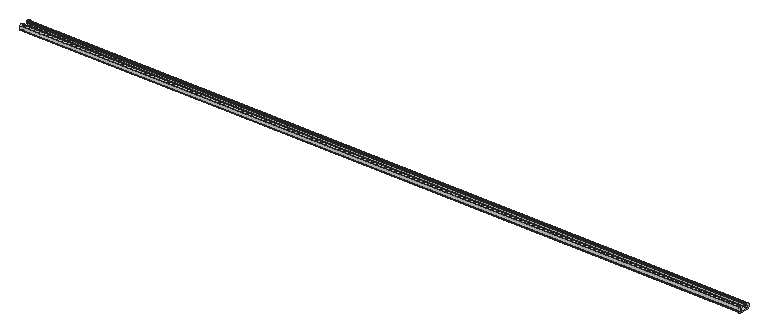
Revit family "P3300", category Specialty Equipment, Revit 2012
Parameters (values of type "P3300")
  ecoScorecard_data = ""
  ecoScorecard Product Page = ""
  Weight Per Foot = 1.34 lbf/ft
  Unit = none
  URL = "http://unistrut.us/index.php"
  Subcategory = "1 5/8\" Channels"
  Product Page URL = "http://unistrut.us/index.php?WP=cat_detail&S=S02&P=P3300"
  Part Type = "Channel"  # constant formula
  Part Number = ""
  Overall Width = 1 5/8"  # constant formula
  Overall Height = 7/8"  # constant formula
  Model = "P3300"  # constant formula
  Material = "Multiple Options - See Catalog"
  Manufacturer Toll Free Phone = "800-882-5543"  # constant formula
  Manufacturer Phone = "708-339-1610"  # constant formula
  Manufacturer Fax = "708-339-7814"  # constant formula
  Manufacturer Email = "mailto:questions@atkore.com"
  Manufacturer Address = "16100 South Lathrop Avenue, Harvey, IL 60426"  # constant formula
  Manufacturer = "Unistrut by Atkore International"  # constant formula
  Load Capacity Note = "Visit the product page for load application and capacity."  # constant formula
  Literature URL = "http://unistrut.us/index.php?WP=LItLibrary"
  Length [instance] = 120"
  Gauge Thickness = "12 Gauge (.105”)"  # constant formula
  Description = "P3300 Channel"  # constant formula
  Cost Info = "mailto:questions@atkore.com"
  Construction Note = ""
  CSI MasterSpec = "http://www.unistrut.us/a_files/TechRef/Unistrut_CSI_05430.pdf"
  CAD URL = "http://unistrut.us/index.php?WP=CAD3d"
  Assembly Code = "D5020100"
  Allowable Moment = 2.4405 N·m
  95 CSI = "16070"  # constant formula
  04 CSI = "26 05 48"  # constant formula
Reference planes (in)
  plane 1 "Center (Front/Back)": y = 0
  plane 2: z = 0
  plane 3 "Center (Left/Right)": x = 0
  plane 4: y = 0.8125
  plane 5: y = -0.8125
  plane 6: z = 0.875
  plane 7: x = -60
  plane 8: x = 60
  plane 9: z = 0.8125
Dimensions and locks (in)
  "Overall Width": plane 4 to plane 5
  equal spacing: plane 4, plane 1 "Center (Front/Back)", plane 5
  "Overall Height": plane 6 to level
  "Length": plane 7 to plane 8
  equal spacing: plane 7, plane 3 "Center (Left/Right)", plane 8
  aligned and locked: level to plane 2
  aligned and locked: plane 1 "Center (Front/Back)" to nested 1
  aligned and locked: plane 3 "Center (Left/Right)" to nested 1
Nested families (in)
  nested 1: "3300" at (0, 0, 0), type "3300"
    with Length 120"
Definition of nested family "3300"
  Parameters (values of type "P3300_")
    Width = 1 5/8"
    Unit = none
    Length = 24"
    Height = 7/8"
  Reference planes (in)
    plane 1 "Center (Front/Back)": y = 0
    plane 2: z = 0
    plane 3 "Center (Left/Right)": x = 0
    plane 4: z = 0.875
    plane 5: x = -12
    plane 6: x = 12
    plane 7: y = 0.8125
    plane 8: y = -0.8125
  Forms (in)
    Sweep 1, solid, material <- "Unit", detail levels fine
      path origin (0, 0, 0) x (1, 0, 0) y (0, 1, 0)
        loop
          line (-12, 0) -> (12, 0)
      profile origin (0, 0, 0) x (0, 1, 0) y (0, 0, 1)
        loop
          line (-0.7075, 0.13625) -> (-0.7075, 0.67625)
          arc (-0.7075, 0.67625) -> (-0.68004, 0.74254) -> (-0.61375, 0.77) r 0.09375
          line (-0.61375, 0.77) -> (-0.57375, 0.77)
          arc (-0.57375, 0.77) -> (-0.55165, 0.76085) -> (-0.5425, 0.73875) r 0.03125
          line (-0.5425, 0.73875) -> (-0.5425, 0.6465)
          arc (-0.5425, 0.6465) -> (-0.49, 0.594) -> (-0.4375, 0.6465) r 0.0525
          line (-0.4375, 0.6465) -> (-0.4375, 0.73875)
          arc (-0.4375, 0.73875) -> (-0.47741, 0.83509) -> (-0.57375, 0.875) r 0.13625
          line (-0.57375, 0.875) -> (-0.61375, 0.875)
          arc (-0.61375, 0.875) -> (-0.75429, 0.81679) -> (-0.8125, 0.67625) r 0.19875
          line (-0.8125, 0.67625) -> (-0.8125, 0.13625)
          arc (-0.8125, 0.13625) -> (-0.77259, 0.03991) -> (-0.67625, 0) r 0.13625
          line (-0.67625, 0) -> (0.67625, 0)
          arc (0.67625, 0) -> (0.77259, 0.03991) -> (0.8125, 0.13625) r 0.13625
          line (0.8125, 0.13625) -> (0.8125, 0.67625)
          arc (0.8125, 0.67625) -> (0.75429, 0.81679) -> (0.61375, 0.875) r 0.19875
          line (0.61375, 0.875) -> (0.57375, 0.875)
          arc (0.57375, 0.875) -> (0.47741, 0.83509) -> (0.4375, 0.73875) r 0.13625
          line (0.4375, 0.73875) -> (0.4375, 0.6465)
          arc (0.4375, 0.6465) -> (0.49, 0.594) -> (0.5425, 0.6465) r 0.0525
          line (0.5425, 0.6465) -> (0.5425, 0.73875)
          arc (0.5425, 0.73875) -> (0.55165, 0.76085) -> (0.57375, 0.77) r 0.03125
          line (0.57375, 0.77) -> (0.61375, 0.77)
          arc (0.61375, 0.77) -> (0.68004, 0.74254) -> (0.7075, 0.67625) r 0.09375
          line (0.7075, 0.67625) -> (0.7075, 0.13625)
          arc (0.7075, 0.13625) -> (0.69835, 0.11415) -> (0.67625, 0.105) r 0.03125
          line (0.67625, 0.105) -> (-0.67625, 0.105)
          arc (-0.67625, 0.105) -> (-0.69835, 0.11415) -> (-0.7075, 0.13625) r 0.03125
    Sweep 2, solid, material <- "Unit", detail levels coarse+medium
      path origin (0.28326, 3.23763, 0) x (1, 0, 0) y (0, 1, 0)
        loop
          line (-12.28326, -3.23763) -> (11.71674, -3.23763)
      profile origin (0, 0, 0) x (0, 1, 0) y (0, 0, 1)
        loop
          line (0.8125, 0.875) -> (-0.8125, 0.875) -> (-0.8125, 0) -> (0.8125, 0) -> (0.8125, 0.875)
  Lines and regions (in)
    symbolic lines, style "Channel"
      curve 1: line (-12, 0.8125, 0) -> (12, 0.8125, 0)
      curve 2: line (-12, -0.8125, 0) -> (-12, 0.8125, 0)
      curve 3: line (12, -0.8125, 0) -> (-12, -0.8125, 0)
      curve 4: line (12, 0.8125, 0) -> (12, -0.8125, 0)
    symbolic lines, style "Channel", detail levels fine
      curve 5: line (-12, 0.43915, 0) -> (12, 0.43915, 0)
      curve 6: line (-12, -0.4375, 0) -> (12, -0.4375, 0)
  Dimensions and locks (in)
    plane 4 to level = 7/8"
    equal spacing: plane 8, plane 1 "Center (Front/Back)", plane 7
    equal spacing: plane 5, plane 3 "Center (Left/Right)", plane 6
    "Length": plane 5 to plane 6
    aligned and locked: level to plane 2
    aligned and locked: plane 5 to Sweep 1 sketch curve
    aligned and locked: plane 6 to Sweep 1 sketch curve
    aligned and locked: plane 1 "Center (Front/Back)" to Sweep 1 sketch curve
    aligned and locked: plane 5 to Sweep 2 sketch curve
    aligned and locked: plane 6 to Sweep 2 sketch curve
    aligned and locked: plane 1 "Center (Front/Back)" to Sweep 2 sketch curve
    aligned and locked: curve 1 to Sweep 1
    aligned and locked: curve 2 to Sweep 1
    aligned and locked: curve 3 to Sweep 1
    aligned and locked: curve 4 to Sweep 1
    aligned and locked: plane 5 to curve 5
    aligned and locked: plane 6 to curve 5
  Automatic sketch dimensions
    Sweep 1 sketch curve to Sweep 1 sketch curve = 0"  (x12)
    Sweep 1 sketch curve to level = 0"
    profile plane to Sweep 1 sketch curve = 13/16"
    Sweep 1 sketch curve to Sweep 1 sketch curve = 0.105"
    Sweep 1 sketch curve to Sweep 1 sketch curve = 1/32"  (x3)
    Sweep 1 sketch curve to Sweep 1 sketch curve = 3/32"
    Sweep 1 sketch curve to Sweep 1 sketch curve = 0.04"  (x2)
    Sweep 1 sketch curve to profile plane = 7/16"
    level to Sweep 1 sketch curve = 0.13625"
    Sweep 1 sketch curve to Sweep 1 sketch curve = 0.13375"
    Sweep 1 sketch curve to Sweep 1 sketch curve = 0.51025"  (x2)
    Sweep 1 sketch curve to Sweep 1 sketch curve = 0.02975"  (x2)
    Sweep 2 sketch curve to level = 0"
    profile plane to Sweep 2 sketch curve = 13/16"
    Sweep 2 sketch curve to profile plane = 13/16"
    level to Sweep 2 sketch curve = 7/8"
    curve 3 to curve 6 = 3/8"
    curve 5 to plane 7 = 0.37335"
